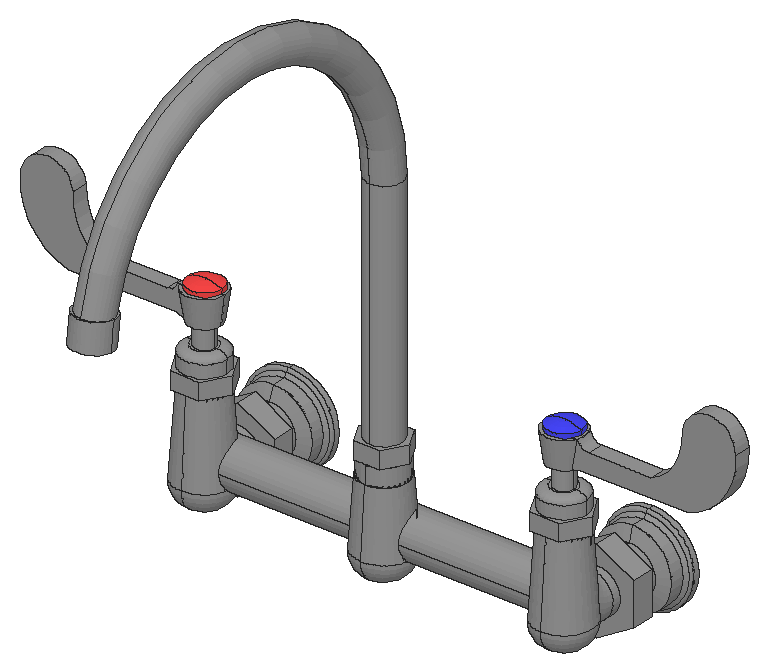
Revit family "Krowne_14-802L-W-E4_WallMount_Faucet", category Plumbing Fixtures, Revit 2018
Family settings
  Round Connector Dimension = Use Diameter
  Part Type = Normal
  OmniClass Number = 23.40.40.00
  OmniClass Title = Food Service Equipment and Furnishings
  Work Plane-Based = No
  Always vertical = Yes
  Cut with Voids When Loaded = No
  Shared = No
  Room Calculation Point = No
Parameters (values of type "14-802L-W-E4")
  Width = 15 7/8"
  Weight in Pounds = 6.5
  Watermarked By = ""
  URL Cutsheet = ""
  URL = "https://krowne.com/"
  Status [instance] = ""
  Specification by User [instance] = ""
  Specification by Manufacturer [instance] = ""
  Serial Number [instance] = ""
  Revision Code [instance] = ""
  Plumbing Remarks [instance] = ""
  Plumbing Connection Type = ""
  NAFEM Spec ID Number [instance] = ""
  Model = "14-802L-W-E4"
  Masterspec [instance] = ""
  Manufacturer = "Krowne Metal"
  Item Number [instance] = "-"
  Installed By [instance] = ""
  Hot Water Temperature = 100 °F
  Hot Water Size = 1/2"
  Hot Water RI Height [instance] = 0"
  Hot Water Flow = 40 GPM
  Hot Water Connection Height = 0"
  Height = 8 5/8"
  Furnished By [instance] = ""
  Foodservice Equipment Identifier = yes
  Description = "Royal Series 8\" Wall Mount Faucet with 8-1/2\" Wide Gooseneck Spout & Vandal Resistant Wrist Blades Handles"
  Depth = 6 1/4" + 2 1/2"  # 8 3/4"
  Cold Water Size = 1/2"
  Cold Water RI Height [instance] = 0"
  Cold Water Flow = 40 GPM
  Cold Water Connection Height = 0"
  CSI MasterFormat = ""
  Assembly Code = "E1090300"
Reference planes
  plane 1 "BACK": y = 0
  plane 2: z = 0
  plane 3 "CENTER L/R": x = -319.169
  plane 4: y = -50.8
  plane 5: z = 298.45
  plane 6: y = -25.4
  plane 7: z = 101.6
  plane 8 "CENTER L/S": x = -188.201
  plane 9 "CENTER L/T": x = -450.138
  plane 10: z = 190.5
  plane 11: y = -231.775
Forms (mm)
  Extrusion 1, solid, material "QF_Steel-Chrome-Polished"
    sketch origin (-319, -231.775, 189.706) x (1, 0, 0) y (0, -0.994044, 0.10898)
      loop
        circle (0, 0) r 11.113
    from 0 to -15.875
  Sweep 2, solid, material "QF_Steel-Chrome-Polished"
    path origin (-319, 304.8, -68.257) x (0, 1, 0) y (0, 0, 1)
      loop
        line (-330.2, 121.438) -> (-330.2, 253.182)
        arc (-330.2, 253.182) -> (-430.607, 356.332) -> (-536.425, 258.741) r 103.188
    profile origin (-319, -25.4, 119.053) x (0, -1, 0) y (1, 0, 0)
      loop
        circle (0, 0) r 9.852
  Extrusion 3, solid, material "QF_Steel-Chrome-Polished"
    sketch origin (-4.763, 37.306, 43.656) x (0, 1, 0) y (-1, 0, 0)
      loop
        line (-62.38, 399.886) -> (-48.419, 407.947) -> (-48.419, 424.067) -> (-62.38, 432.128) -> (-76.34, 424.067) -> (-76.34, 407.947) -> (-62.38, 399.886)
      loop
        line (-62.38, 196.686) -> (-48.419, 204.747) -> (-48.419, 220.867) -> (-62.38, 228.928) -> (-76.34, 220.867) -> (-76.34, 204.747) -> (-62.38, 196.686)
    from 0 to 9.525
  Extrusion 4, solid, material "QF_Steel-Chrome-Polished"
    sketch origin (-4.763, 37.306, -37.306) x (1, 0, 0) y (0, 0, 1)
      loop
        circle (-416.007, 37.306) r 6.35
      loop
        circle (-212.807, 37.306) r 6.35
    from 0 to -6.35
  Revolve 5, solid, material "QF_Steel-Chrome-Polished"
    sketch origin (-420.769, 38.1, -37.306) x (0, 1, 0) y (0, 0, 1)
      loop
        line (0, 37.306) -> (0, 62.706) -> (-3.175, 62.706)
        arc (-3.175, 62.706) -> (-4.298, 62.241) -> (-4.762, 61.119) r 1.588
        line (-4.762, 61.119) -> (-6.75, 59.131) -> (-14.287, 59.131) -> (-16.91, 51.594) -> (-26.987, 51.594) -> (-26.988, 37.306) -> (0, 37.306)
      axis (0, 37.306) -> (-26.988, 37.306)
    angle from 0 to 360
  Revolve 6, solid, material "QF_Steel-Chrome-Polished"
    sketch origin (-217.569, 38.1, -37.306) x (0, 1, 0) y (0, 0, 1)
      loop
        line (0, 37.306) -> (0, 62.706) -> (-3.175, 62.706)
        arc (-3.175, 62.706) -> (-4.298, 62.241) -> (-4.762, 61.119) r 1.588
        line (-4.762, 61.119) -> (-6.75, 59.131) -> (-14.287, 59.131) -> (-16.91, 51.594) -> (-26.987, 51.594) -> (-26.988, 37.306) -> (0, 37.306)
      axis (0, 37.306) -> (-26.988, 37.306)
    angle from 0 to 360
  Extrusion 7, solid, material "QF_Steel-Chrome-Polished"
    sketch origin (-420.769, 11.112, 0) x (0, 0, 1) y (-1, 0, 0)
      loop
        line (11.915, -20.637) -> (23.83, 0) -> (11.915, 20.637) -> (-11.915, 20.637) -> (-23.83, 0) -> (-11.915, -20.637) -> (11.915, -20.637)
      loop
        line (11.915, -223.837) -> (23.83, -203.2) -> (11.915, -182.562) -> (-11.915, -182.562) -> (-23.83, -203.2) -> (-11.915, -223.837) -> (11.915, -223.837)
    from 0 to 12.7
  Sweep 8, solid, material "QF_Steel-Chrome-Polished"
    path origin (-420.769, 37.306, -37.306) x (0, 1, 0) y (0, 0, 1)
      loop
        line (-26.988, 37.306) -> (-43.656, 37.306)
        arc (-43.656, 37.306) -> (-57.127, 42.886) -> (-62.706, 56.356) r 19.05
        line (-62.706, 56.356) -> (-62.706, 80.962)
    profile origin (-420.769, 1.984, 0) x (0, 0, -1) y (1, 0, 0)
      loop
        circle (0, 0) r 12.7
  Sweep 9, solid, material "QF_Steel-Chrome-Polished"
    path origin (-217.569, 37.306, -37.306) x (0, 1, 0) y (0, 0, 1)
      loop
        line (-26.988, 37.306) -> (-43.656, 37.306)
        arc (-43.656, 37.306) -> (-57.127, 42.886) -> (-62.706, 56.356) r 19.05
        line (-62.706, 56.356) -> (-62.706, 80.962)
    profile origin (-217.569, 1.984, 0) x (0, 0, -1) y (1, 0, 0)
      loop
        circle (0, 0) r 12.7
  Extrusion 10, solid, material "QF_Steel-Chrome-Polished"
    sketch origin (-420.769, 37.306, -37.306) x (0, 1, 0) y (0, 0, 1)
      loop
        circle (-57.127, 42.886) r 12.7
    from 0 to 203.2
  Sweep 11, solid, material "QF_Steel-Chrome-Polished"
    path origin (-319.169, 37.306, -37.306) x (0, 1, 0) y (0, 0, 1)
      loop
        arc (-56.044, 41.884) -> (-60.961, 48.39) -> (-62.706, 56.356) r 19.05
        line (-62.706, 56.356) -> (-62.706, 80.962)
    profile origin (-319.169, -25.4, 31.353) x (0, -1, 0) y (1, 0, 0)
      loop
        circle (0, 0) r 12.7
  Revolve 12, solid, material "QF_Steel-Chrome-Polished"
    sketch origin (-319.169, 37.306, -56.356) x (0, 1, 0) y (0, 0, 1)
      loop
        line (-62.706, 90.488) -> (-50.006, 90.488) -> (-50.672, 100.013) -> (-62.706, 100.013) -> (-62.706, 90.488)
      axis (-62.706, 90.488) -> (-62.706, 100.013)
    angle from 0 to 360
  Revolve 13, solid, material "QF_Steel-Chrome-Polished"
    sketch origin (-420.769, 37.306, -37.306) x (0, 1, 0) y (0, 0, 1)
      loop
        line (-50.006, 80.962) -> (-62.706, 80.962) -> (-62.706, 20.044) -> (-59.365, 20.044)
        arc (-59.365, 20.044) -> (-50.077, 24.083) -> (-46.696, 33.63) r 12.7
        line (-46.696, 33.63) -> (-50.006, 80.962)
      axis (-62.706, 20.044) -> (-62.706, 80.962)
    angle from 0 to 360
  Revolve 14, solid, material "QF_Steel-Chrome-Polished"
    sketch origin (-217.569, 37.306, -37.306) x (0, 1, 0) y (0, 0, 1)
      loop
        line (-50.006, 80.962) -> (-62.706, 80.962) -> (-62.706, 20.044) -> (-59.365, 20.044)
        arc (-59.365, 20.044) -> (-50.077, 24.083) -> (-46.696, 33.63) r 12.7
        line (-46.696, 33.63) -> (-50.006, 80.962)
      axis (-62.706, 20.044) -> (-62.706, 80.962)
    angle from 0 to 360
  Revolve 15, solid, material "QF_Steel-Chrome-Polished"
    sketch origin (-319.169, 37.306, -37.306) x (0, 1, 0) y (0, 0, 1)
      loop
        line (-49.324, 71.209) -> (-62.706, 71.209) -> (-62.706, 20.044) -> (-59.365, 20.044)
        arc (-59.365, 20.044) -> (-50.077, 24.083) -> (-46.696, 33.63) r 12.7
        line (-46.696, 33.63) -> (-49.324, 71.209)
      axis (-62.706, 20.044) -> (-62.706, 71.209)
    angle from 0 to 360
  Extrusion 16, solid, material "QF_Steel-Chrome-Polished"
    sketch origin (-4.763, 37.306, 43.656) x (0, 1, 0) y (-1, 0, 0)
      loop
        line (-62.38, 300.119) -> (-50.006, 307.263) -> (-50.006, 321.551) -> (-62.38, 328.694) -> (-74.753, 321.551) -> (-74.753, 307.263) -> (-62.38, 300.119)
    from 0 to 9.525
  Revolve 17, solid, material "Plastic-Brass-Red"
    sketch origin (-369.889, -25.065, 28.262) x (1, 0, 0) y (0, 0.003349, 0.999994)
      loop
        arc (-50.8, 68.818) -> (-55.813, 68.299) -> (-60.546, 66.566) r 20.394
        line (-60.546, 66.566) -> (-60.546, 64.436) -> (-50.8, 64.436) -> (-50.8, 68.818)
      axis (-50.8, 68.818) -> (-50.8, 64.436)
    angle from 0 to 360
  Revolve 18, solid, material "Plastic-Brass-Blue"
    sketch origin (-268.289, -25.065, 28.262) x (-1, 0, 0) y (0, -0.003349, -0.999994)
      loop
        line (-50.8, -68.818) -> (-50.8, -64.4) -> (-60.546, -64.4) -> (-60.546, -66.566)
        arc (-60.546, -66.566) -> (-55.813, -68.299) -> (-50.8, -68.818) r 20.394
      axis (-50.8, -68.818) -> (-50.8, -64.4)
    angle from 0 to 360
  Revolve 19, solid, material "QF_Steel-Chrome-Polished"
    sketch origin (-268.369, -25.073, 41.462) x (-1, 0, 0) y (0, 0, -1)
      loop
        line (-50.8, -50.906) -> (-50.8, -11.719) -> (-63.5, -11.719) -> (-63.5, -18.828)
        spline (-63.5, -18.828) -> (-63.411, -19.303) -> (-63.254, -19.744) -> (-63.027, -20.151) -> (-62.733, -20.522) -> (-62.369, -20.859) -> (-61.937, -21.161) -> (-61.437, -21.429) -> (-60.868, -21.662) -> (-60.23, -21.86) -> (-59.523, -22.023) -> (-58.748, -22.152) -> (-57.905, -22.246)
        line (-57.905, -22.246) -> (-56.358, -22.246) -> (-56.358, -34.379) -> (-59.706, -34.379) -> (-62.183, -50.906) -> (-50.8, -50.906)
      axis (-50.8, -50.906) -> (-50.8, -11.719)
    angle from 0 to 360
  Extrusion 20, solid, material "QF_Steel-Chrome-Polished"
    sketch origin (-369.969, -25.073, 12.514) x (1, 0, 0) y (0, 0, 1)
      loop
        line (-68.431, 75.532) -> (-103.557, 75.532)
        spline (-103.557, 75.532) -> (-106.504, 76.784) -> (-109.166, 78.285) -> (-111.55, 80.027) -> (-113.66, 82.005) -> (-115.502, 84.211) -> (-117.081, 86.637) -> (-118.402, 89.278) -> (-119.471, 92.125) -> (-120.294, 95.172) -> (-120.875, 98.413) -> (-121.219, 101.839) -> (-121.333, 105.444)
        arc (-121.333, 105.444) -> (-137.37, 118.301) -> (-151.365, 103.245) r 15.096
        arc (-151.365, 103.245) -> (-144.616, 79.043) -> (-123.684, 65.146) r 36.007
        line (-123.684, 65.146) -> (-64.018, 65.146)
        arc (-64.018, 65.146) -> (-61.798, 64.807) -> (-59.78, 63.821) r 7.441
        line (-59.78, 63.821) -> (-50.8, 63.821) -> (-50.8, 79.891) -> (-62.188, 79.891)
        arc (-62.188, 79.891) -> (-64.624, 76.73) -> (-68.431, 75.532) r 6.651
    from -4.471 to 4.471
  Extrusion 21, solid, material "QF_Steel-Chrome-Polished"
    sketch origin (-268.369, -25.073, 12.514) x (-1, 0, 0) y (0, 0, -1)
      loop
        arc (-68.431, -75.532) -> (-64.624, -76.73) -> (-62.188, -79.891) r 6.651
        line (-62.188, -79.891) -> (-50.8, -79.891) -> (-50.8, -63.821) -> (-59.78, -63.821)
        arc (-59.78, -63.821) -> (-61.798, -64.807) -> (-64.018, -65.146) r 7.441
        line (-64.018, -65.146) -> (-123.684, -65.146)
        arc (-123.684, -65.146) -> (-144.616, -79.043) -> (-151.365, -103.245) r 36.007
        arc (-151.365, -103.245) -> (-137.37, -118.301) -> (-121.333, -105.444) r 15.096
        spline (-121.333, -105.444) -> (-121.219, -101.839) -> (-120.875, -98.413) -> (-120.294, -95.172) -> (-119.471, -92.125) -> (-118.402, -89.278) -> (-117.081, -86.637) -> (-115.502, -84.211) -> (-113.66, -82.005) -> (-111.55, -80.027) -> (-109.166, -78.285) -> (-106.504, -76.784) -> (-103.557, -75.532)
        line (-103.557, -75.532) -> (-68.431, -75.532)
    from -4.471 to 4.471
  Revolve 22, solid, material "QF_Steel-Chrome-Polished"
    sketch origin (-369.969, -25.073, 41.462) x (1, 0, 0) y (0, 0, 1)
      loop
        line (-50.8, 50.906) -> (-62.183, 50.906) -> (-59.706, 34.379) -> (-56.358, 34.379) -> (-56.358, 22.246) -> (-57.905, 22.246)
        spline (-57.905, 22.246) -> (-58.748, 22.152) -> (-59.523, 22.023) -> (-60.23, 21.86) -> (-60.868, 21.662) -> (-61.437, 21.429) -> (-61.937, 21.161) -> (-62.369, 20.859) -> (-62.733, 20.522) -> (-63.027, 20.151) -> (-63.254, 19.744) -> (-63.411, 19.303) -> (-63.5, 18.828)
        line (-63.5, 18.828) -> (-63.5, 11.719) -> (-50.8, 11.719) -> (-50.8, 50.906)
      axis (-50.8, 50.906) -> (-50.8, 11.719)
    angle from 0 to 360
Cuts and joins
  joined: Extrusion 7, Sweep 9, Sweep 11, Revolve 13, Revolve 15
  joined: Extrusion 1, Sweep 2
Lines and regions (mm)
  symbolic lines
    curve 1: arc (-328.461, -25.4, 0) -> (-318.513, -15.654, 0) -> (-309.475, -26.249, 0) r 9.525
    curve 2: arc (-328.525, -230.018, 0) -> (-325.735, -236.753, 0) -> (-319, -239.543, 0) r 9.525
    curve 3: arc (-319, -239.543, 0) -> (-312.265, -236.753, 0) -> (-309.475, -230.018, 0) r 9.525
    curve 4: line (-328.525, -230.018, 0) -> (-328.525, -25.4, 0)
    curve 5: line (-309.475, -26.249, 0) -> (-309.475, -230.018, 0)
    curve 6: line (-333.457, -25.073, 74.612) -> (-329.459, -31.997, 74.612)
    curve 7: line (-309.475, -33.029, 74.612) -> (-304.882, -25.073, 74.612)
    curve 8: line (-304.882, -25.073, 74.612) -> (-312.026, -12.7, 74.612)
    curve 9: line (-312.026, -12.7, 74.612) -> (-326.313, -12.7, 74.612)
    curve 10: line (-326.313, -12.7, 74.612) -> (-333.457, -25.073, 74.612)
    curve 11: line (-192.169, 37.306, 74.612) -> (-242.969, 37.306, 74.612)
    curve 12: line (-192.169, 37.306, 74.612) -> (-192.169, 34.131, 74.612)
    curve 13: line (-195.745, 30.556, 74.612) -> (-193.757, 32.544, 74.612)
    curve 14: arc (-193.757, 32.544, 74.612) -> (-192.634, 33.009, 74.612) -> (-192.169, 34.131, 74.612) r 1.588
    curve 15: line (-195.745, 30.556, 74.612) -> (-195.745, 23.019, 74.612)
    curve 16: line (-195.745, 23.019, 74.612) -> (-204.869, 19.844, 74.612)
    curve 17: line (-204.869, 19.844, 74.612) -> (-204.869, 10.319, 74.612)
    curve 18: line (-204.869, 10.319, 74.612) -> (-196.932, 10.319, 74.612)
    curve 19: line (-196.932, 10.319, 74.612) -> (-196.932, -2.381, 74.612)
    curve 20: line (-196.932, -2.381, 74.612) -> (-238.207, -2.381, 74.612)
    curve 21: line (-204.858, -2.381, 74.612) -> (-204.858, -16.754, 74.612)
    curve 22: line (-242.969, 37.306, 74.612) -> (-242.969, 34.131, 74.612)
    curve 23: line (-239.394, 30.556, 74.612) -> (-241.382, 32.544, 74.612)
    curve 24: arc (-241.382, 32.544, 74.612) -> (-242.504, 33.009, 74.612) -> (-242.969, 34.131, 74.612) r 1.588
    curve 25: line (-239.394, 30.556, 74.612) -> (-239.394, 23.019, 74.612)
    curve 26: line (-239.394, 23.019, 74.612) -> (-230.269, 19.844, 74.612)
    curve 27: line (-230.269, 19.844, 74.612) -> (-230.269, 10.319, 74.612)
    curve 28: line (-204.869, 10.319, 74.612) -> (-238.207, 10.319, 74.612)
    curve 29: line (-238.207, 10.319, 74.612) -> (-238.207, -2.381, 74.612)
    curve 30: line (-230.281, -2.381, 74.612) -> (-230.281, -7.197, 74.612)
    curve 31: line (-408.058, -7.197, 74.612) -> (-230.281, -7.197, 74.612)
    curve 32: line (-410.291, -31.997, 74.612) -> (-329.459, -31.997, 74.612)
    curve 33: line (-308.317, -31.997, 74.612) -> (-229.693, -31.997, 74.612)
    curve 34: arc (-217.569, -34.925, 63.5) -> (-208.044, -25.4, 63.5) -> (-217.569, -15.875, 63.5) r 9.525
    curve 35: arc (-217.569, -15.875, 63.5) -> (-227.094, -25.4, 63.5) -> (-217.569, -34.925, 63.5) r 9.525
    curve 36: arc (-223.3, -8.965, 63.5) -> (-226.62, -7.407, 63.5) -> (-230.281, -7.197, 63.5) r 9.664
    curve 37: line (-446.169, 37.306, 74.612) -> (-395.369, 37.306, 74.612)
    curve 38: line (-446.169, 37.306, 74.612) -> (-446.169, 34.131, 74.612)
    curve 39: line (-442.594, 30.556, 74.612) -> (-444.582, 32.544, 74.612)
    curve 40: arc (-444.582, 32.544, 74.612) -> (-445.704, 33.009, 74.612) -> (-446.169, 34.131, 74.612) r 1.588
    curve 41: line (-442.594, 30.556, 74.612) -> (-442.594, 23.019, 74.612)
    curve 42: line (-442.594, 23.019, 74.612) -> (-433.469, 19.844, 74.612)
    curve 43: line (-433.469, 19.844, 74.612) -> (-433.469, 10.319, 74.612)
    curve 44: line (-433.469, 10.319, 74.612) -> (-441.407, 10.319, 74.612)
    curve 45: line (-441.407, 10.319, 74.612) -> (-441.407, -2.381, 74.612)
    curve 46: line (-433.481, -2.381, 74.612) -> (-433.481, -16.754, 74.612)
    curve 47: line (-395.369, 37.306, 74.612) -> (-395.369, 34.131, 74.612)
    curve 48: line (-398.945, 30.556, 74.612) -> (-396.957, 32.544, 74.612)
    curve 49: arc (-396.957, 32.544, 74.612) -> (-395.834, 33.009, 74.612) -> (-395.369, 34.131, 74.612) r 1.588
    curve 50: line (-398.945, 30.556, 74.612) -> (-398.945, 23.019, 74.612)
    curve 51: line (-398.945, 23.019, 74.612) -> (-408.069, 19.844, 74.612)
    curve 52: line (-408.069, 19.844, 74.612) -> (-408.069, 10.319, 74.612)
    curve 53: line (-433.469, 10.319, 74.612) -> (-400.132, 10.319, 74.612)
    curve 54: line (-400.132, 10.319, 74.612) -> (-400.132, -2.381, 74.612)
    curve 55: line (-400.132, -2.381, 74.612) -> (-441.407, -2.381, 74.612)
    curve 56: line (-408.058, -2.381, 74.612) -> (-408.058, -7.197, 74.612)
    curve 57: line (-209.509, -11.113, 63.5) -> (-225.63, -11.113, 63.5)
    curve 58: line (-204.03, -20.602, 63.5) -> (-209.509, -11.113, 63.5)
    curve 59: line (-209.509, -39.034, 63.5) -> (-204.03, -29.544, 63.5)
    curve 60: line (-225.63, -39.034, 63.5) -> (-209.509, -39.034, 63.5)
    curve 61: line (-233.69, -25.073, 63.5) -> (-225.63, -39.034, 63.5)
    curve 62: line (-225.63, -11.113, 63.5) -> (-233.69, -25.073, 63.5)
    curve 63: line (-117.005, -20.602, 63.5) -> (-209.341, -20.602, 63.5)
    curve 64: line (-208.993, -29.544, 63.5) -> (-117.005, -29.544, 63.5)
    curve 65: line (-147.037, -20.602, 63.5) -> (-147.037, -29.544, 63.5)
    curve 66: line (-117.005, -29.544, 63.5) -> (-117.005, -20.602, 63.5)
    curve 67: line (-164.813, -29.544, 63.5) -> (-164.813, -20.602, 63.5)
    curve 68: arc (-232.031, -31.997, 63.5) -> (-216.077, -41.296, 63.5) -> (-201.833, -29.544, 63.5) r 16.145
    curve 69: arc (-201.908, -20.602, 63.5) -> (-203.107, -17.664, 63.5) -> (-204.858, -15.018, 63.5) r 16.145
    curve 70: arc (-420.769, -34.925, 63.5) -> (-430.294, -25.4, 63.5) -> (-420.769, -15.875, 63.5) r 9.525
    curve 71: arc (-420.769, -15.875, 63.5) -> (-411.244, -25.4, 63.5) -> (-420.769, -34.925, 63.5) r 9.525
    curve 72: arc (-415.039, -8.965, 63.5) -> (-411.719, -7.407, 63.5) -> (-408.058, -7.197, 63.5) r 9.664
    curve 73: line (-428.83, -11.113, 63.5) -> (-412.709, -11.113, 63.5)
    curve 74: line (-434.309, -20.602, 63.5) -> (-428.83, -11.113, 63.5)
    curve 75: line (-428.83, -39.034, 63.5) -> (-434.309, -29.544, 63.5)
    curve 76: line (-412.709, -39.034, 63.5) -> (-428.83, -39.034, 63.5)
    curve 77: line (-404.649, -25.073, 63.5) -> (-412.709, -39.034, 63.5)
    curve 78: line (-412.709, -11.113, 63.5) -> (-404.649, -25.073, 63.5)
    curve 79: line (-521.334, -20.602, 63.5) -> (-428.998, -20.602, 63.5)
    curve 80: line (-429.346, -29.544, 63.5) -> (-521.334, -29.544, 63.5)
    curve 81: line (-491.302, -20.602, 63.5) -> (-491.302, -29.544, 63.5)
    curve 82: line (-521.334, -29.544, 63.5) -> (-521.334, -20.602, 63.5)
    curve 83: line (-473.526, -29.544, 63.5) -> (-473.526, -20.602, 63.5)
    curve 84: arc (-406.308, -31.997, 63.5) -> (-422.262, -41.296, 63.5) -> (-436.505, -29.544, 63.5) r 16.145
    curve 85: arc (-436.43, -20.602, 63.5) -> (-435.232, -17.664, 63.5) -> (-433.481, -15.018, 63.5) r 16.145
Dimensions and locks
  equal spacing: plane 4, plane 6, plane 1 "BACK"
  plane 4 to plane 1 "BACK" = 2"
  plane 5 to level = 11 3/4"  (x2)
  plane 7 to Revolve 6 = 5"
  plane 10 to level = 7 1/2"
  Extrusion 10 to Extrusion 10 = 8"
  Revolve 5 to plane 6 = 2 1/2"
  plane 6 to plane 11 = 8 1/8"
  aligned and locked: level to plane 2
Automatic sketch dimensions
  curve 2 to curve 3 = 0"  (x2)
  plane 6 to curve 4 = 0"
  plane 6 to curve 1 = 0"
  curve 4 to plane 3 "CENTER L/R" = 0.36833"
  plane 3 "CENTER L/R" to curve 3 = 0.00667"
  plane 3 "CENTER L/R" to curve 1 = 0.00909"
  plane 6 to curve 5 = 0.03343"
  curve 1 to plane 6 = 0.00909"
  plane 6 to Extrusion 3 sketch curve = 0.53678"  (x2)
  Extrusion 3 sketch curve to plane 6 = 0.01286"  (x4)
  plane 1 "BACK" to Extrusion 3 sketch curve = 7/16"  (x2)
  Extrusion 3 sketch curve to plane 8 "CENTER L/S" = 0.52158"
  Extrusion 3 sketch curve to Extrusion 3 sketch curve = 0.31733"  (x6)
  Extrusion 3 sketch curve to Extrusion 3 sketch curve = 0.63467"  (x4)
  Extrusion 3 sketch curve to plane 9 "CENTER L/T" = 1.79092"
  Extrusion 4 sketch curve to level = 0"  (x2)
  Extrusion 4 sketch curve to plane 9 "CENTER L/T" = 1 5/32"
  Extrusion 4 sketch curve to plane 8 "CENTER L/S" = 1 5/32"
  Revolve 5 sketch curve to level = 0"  (x2)
  Revolve 5 sketch curve to plane 1 "BACK" = 7/16"
  Revolve 5 sketch curve to Revolve 5 sketch curve = 0.39675"
  Revolve 5 sketch curve to Revolve 5 sketch curve = 0.10325"
  Revolve 5 sketch curve to Revolve 5 sketch curve = 0.29673"  (x2)
  Revolve 5 sketch curve to Revolve 5 sketch curve = 0.07827"  (x2)
  Revolve 5 sketch curve to Revolve 5 sketch curve = 1/16"
  Revolve 5 sketch curve to Revolve 5 sketch curve = 1/8"
  Revolve 5 sketch curve to Revolve 5 sketch curve = 9/16"
  plane 4 to Revolve 5 sketch curve = 1 7/16"
  Revolve 5 sketch curve to Revolve 5 sketch curve = 0"
  Revolve 6 sketch curve to level = 0"  (x2)
  Revolve 6 sketch curve to plane 1 "BACK" = 7/16"
  Revolve 6 sketch curve to Revolve 6 sketch curve = 0.39675"
  Revolve 6 sketch curve to Revolve 6 sketch curve = 0.10325"
  Revolve 6 sketch curve to Revolve 6 sketch curve = 0.29673"  (x2)
  Revolve 6 sketch curve to Revolve 6 sketch curve = 0.07827"  (x2)
  Revolve 6 sketch curve to Revolve 6 sketch curve = 1/16"
  Revolve 6 sketch curve to Revolve 6 sketch curve = 1/8"
  level to Revolve 6 sketch curve = 9/16"
  plane 4 to Revolve 6 sketch curve = 1 7/16"
  Revolve 6 sketch curve to Revolve 6 sketch curve = 0"
  Revolve 5 to Extrusion 7 sketch curve = 0"
  Extrusion 7 sketch curve to Revolve 5 = 0"
  Revolve 5 to Extrusion 7 sketch curve = 8"  (x2)
  Extrusion 7 sketch curve to Extrusion 7 sketch curve = 0"
  Extrusion 7 sketch curve to Extrusion 7 sketch curve = 0.4691"  (x6)
  Extrusion 7 sketch curve to Extrusion 7 sketch curve = 0.93819"  (x4)
  Revolve 5 to Extrusion 7 sketch curve = 7 3/16"
  Revolve 5 to Extrusion 7 sketch curve = 8 13/16"
  Revolve 5 to Extrusion 7 sketch curve = 13/16"
  Extrusion 7 sketch curve to Revolve 5 = 13/16"
  Sweep 8 sketch curve to plane 6 = 0"
  Sweep 8 sketch curve to level = 0"
  plane 1 "BACK" to Sweep 8 sketch curve = 1/4"
  Sweep 8 sketch curve to plane 1 "BACK" = 13/32"
  Sweep 8 sketch curve to Sweep 8 sketch curve = 31/32"
  Sweep 8 sketch curve to profile plane = 0"  (x2)
  Sweep 9 sketch curve to plane 6 = 0"
  Sweep 9 sketch curve to level = 0"
  plane 1 "BACK" to Sweep 9 sketch curve = 1/4"
  Sweep 9 sketch curve to plane 1 "BACK" = 13/32"
  Sweep 9 sketch curve to Sweep 9 sketch curve = 31/32"
  Sweep 9 sketch curve to profile plane = 0"  (x2)
  Extrusion 10 sketch curve to plane 6 = 0.21967"
  level to Extrusion 10 sketch curve = 0.21967"
  Sweep 11 sketch curve to plane 6 = 0"
  plane 1 "BACK" to Sweep 11 sketch curve = 1/4"
  level to Sweep 11 sketch curve = 3/4"
  level to Sweep 11 sketch curve = 0.18022"
  Sweep 11 sketch curve to Sweep 11 sketch curve = 31/32"
  Sweep 11 sketch curve to profile plane = 0"  (x2)
  Revolve 13 sketch curve to plane 6 = 0"  (x2)
  Revolve 13 sketch curve to plane 6 = 0.13153"
  plane 1 "BACK" to Revolve 13 sketch curve = 1/2"
  Revolve 13 sketch curve to level = 0.14474"
  plane 1 "BACK" to Revolve 13 sketch curve = 0.36969"
  Revolve 13 sketch curve to level = 0.17962"
  level to Revolve 13 sketch curve = 1 23/32"
  Revolve 13 sketch curve to Revolve 13 sketch curve = 0.40368"
  Revolve 13 sketch curve to Revolve 13 sketch curve = 0.07103"
  Revolve 14 sketch curve to plane 6 = 0"  (x2)
  Revolve 14 sketch curve to plane 6 = 0.13153"
  plane 1 "BACK" to Revolve 14 sketch curve = 1/2"
  Revolve 14 sketch curve to level = 0.14474"
  plane 1 "BACK" to Revolve 14 sketch curve = 0.36969"
  Revolve 14 sketch curve to level = 0.17962"
  level to Revolve 14 sketch curve = 1 23/32"
  Revolve 14 sketch curve to Revolve 14 sketch curve = 0.40368"
  Revolve 14 sketch curve to Revolve 14 sketch curve = 0.07103"
  Revolve 15 sketch curve to plane 6 = 0"  (x2)
  Revolve 15 sketch curve to plane 6 = 0.13153"
  plane 1 "BACK" to Revolve 15 sketch curve = 0.47315"
  Revolve 15 sketch curve to level = 0.14474"
  plane 1 "BACK" to Revolve 15 sketch curve = 0.36969"
  Revolve 15 sketch curve to level = 0.17962"
  level to Revolve 15 sketch curve = 1.33477"
  Revolve 15 sketch curve to Revolve 15 sketch curve = 0.40368"
  Revolve 15 sketch curve to Revolve 15 sketch curve = 0.45501"
  plane 6 to Extrusion 16 sketch curve = 0.47428"
  Extrusion 16 sketch curve to plane 6 = 0.01286"  (x2)
  plane 1 "BACK" to Extrusion 16 sketch curve = 1/2"
  plane 3 "CENTER L/R" to Extrusion 16 sketch curve = 9/16"
  plane 3 "CENTER L/R" to Extrusion 16 sketch curve = 9/32"  (x2)
  Extrusion 16 sketch curve to plane 3 "CENTER L/R" = 9/32"  (x2)
  Extrusion 16 sketch curve to Extrusion 16 sketch curve = 9/32"
  Revolve 12 sketch curve to plane 6 = 0"  (x2)
  Revolve 12 sketch curve to Revolve 12 sketch curve = 0.47378"
  level to Revolve 12 sketch curve = 1 11/32"
  Revolve 12 sketch curve to Revolve 12 sketch curve = 3/8"
  Revolve 12 sketch curve to Revolve 12 sketch curve = 0"  (x2)
  Revolve 12 sketch curve to Revolve 12 sketch curve = 0.02622"
  Revolve 17 sketch curve to plane 8 "CENTER L/S" = 9.53678"
  Revolve 17 sketch curve to Revolve 17 sketch curve = 0.3671"
  Revolve 17 sketch curve to Revolve 17 sketch curve = 0.38369"
  Revolve 17 sketch curve to Revolve 17 sketch curve = 0.63024"
  Revolve 17 sketch curve to Revolve 17 sketch curve = 0.08386"
  Revolve 17 sketch curve to Revolve 17 sketch curve = 0"  (x2)
  Revolve 17 sketch curve to Revolve 17 sketch curve = 0.04662"
  Revolve 18 sketch curve to plane 8 "CENTER L/S" = 0.76939"
  Revolve 18 sketch curve to Revolve 18 sketch curve = 0.3671"
  Revolve 18 sketch curve to Revolve 18 sketch curve = 0.38369"
  Revolve 18 sketch curve to Revolve 18 sketch curve = 0.08866"
  Revolve 18 sketch curve to Revolve 18 sketch curve = 0.0853"
  Revolve 18 sketch curve to Revolve 18 sketch curve = 0"  (x2)
  Revolve 18 sketch curve to Revolve 18 sketch curve = 0.04662"
  level to Revolve 19 sketch curve = 2.37362"
  Revolve 19 sketch curve to plane 8 "CENTER L/S" = 21/32"
  Revolve 19 sketch curve to Revolve 19 sketch curve = 0.05186"
  level to Revolve 19 sketch curve = 2.50821"
  Revolve 19 sketch curve to Revolve 19 sketch curve = 0.22028"
  Revolve 19 sketch curve to plane 7 = 1.01412"
  Revolve 19 sketch curve to Revolve 19 sketch curve = 0.07092"
  Revolve 19 sketch curve to Revolve 19 sketch curve = 0.13181"
  Revolve 19 sketch curve to Revolve 19 sketch curve = 0.44814"
  Revolve 19 sketch curve to Revolve 19 sketch curve = 0.65067"
  Revolve 19 sketch curve to Revolve 19 sketch curve = 0.41446"
  Revolve 19 sketch curve to Revolve 19 sketch curve = 0.21883"
  Revolve 19 sketch curve to Revolve 19 sketch curve = 0.10739"
  Revolve 19 sketch curve to Revolve 19 sketch curve = 0.09098"
  plane 7 to Extrusion 20 sketch curve = 0.55744"
  Extrusion 20 sketch curve to plane 8 "CENTER L/S" = 12.52114"
  Extrusion 20 sketch curve to Extrusion 20 sketch curve = 0.49543"
  plane 7 to Extrusion 20 sketch curve = 0.64401"
  Extrusion 20 sketch curve to Extrusion 20 sketch curve = 0.58801"
  plane 7 to Extrusion 20 sketch curve = 0.43782"
  Extrusion 20 sketch curve to Extrusion 20 sketch curve = 0.23017"
  Extrusion 20 sketch curve to plane 7 = 0.53363"
  Extrusion 20 sketch curve to Extrusion 20 sketch curve = 0.79242"
  Extrusion 20 sketch curve to plane 7 = 0.2718"
  Extrusion 20 sketch curve to Extrusion 20 sketch curve = 1.38288"
  Extrusion 20 sketch curve to Extrusion 20 sketch curve = 0.17375"
  Extrusion 20 sketch curve to Extrusion 20 sketch curve = 0.2458"
  Extrusion 20 sketch curve to Extrusion 20 sketch curve = 0.16685"
  Extrusion 20 sketch curve to Extrusion 20 sketch curve = 0.35355"
  Extrusion 20 sketch curve to Extrusion 20 sketch curve = 0.05216"
  plane 7 to Extrusion 21 sketch curve = 0.55744"
  plane 8 "CENTER L/S" to Extrusion 21 sketch curve = 2.20864"
  Extrusion 21 sketch curve to Extrusion 21 sketch curve = 0.49543"
  plane 7 to Extrusion 21 sketch curve = 0.64401"
  Extrusion 21 sketch curve to Extrusion 21 sketch curve = 0.58801"
  plane 7 to Extrusion 21 sketch curve = 0.43782"
  Extrusion 21 sketch curve to Extrusion 21 sketch curve = 0.23017"
  Extrusion 21 sketch curve to plane 7 = 0.53363"
  Extrusion 21 sketch curve to Extrusion 21 sketch curve = 0.79242"
  Extrusion 21 sketch curve to plane 7 = 0.2718"
  Extrusion 21 sketch curve to Extrusion 21 sketch curve = 1.38288"
  Extrusion 21 sketch curve to Extrusion 21 sketch curve = 0.17375"
  Extrusion 21 sketch curve to Extrusion 21 sketch curve = 0.2458"
  Extrusion 21 sketch curve to Extrusion 21 sketch curve = 0.16685"
  Extrusion 21 sketch curve to Extrusion 21 sketch curve = 0.35355"
  Extrusion 21 sketch curve to Extrusion 21 sketch curve = 0.05216"
  level to Revolve 22 sketch curve = 2.37362"
  Revolve 22 sketch curve to plane 8 "CENTER L/S" = 9 21/32"
  Revolve 22 sketch curve to Revolve 22 sketch curve = 0.05186"
  level to Revolve 22 sketch curve = 2.50821"
  Revolve 22 sketch curve to Revolve 22 sketch curve = 0.22028"
  Revolve 22 sketch curve to plane 7 = 1.01412"
  Revolve 22 sketch curve to Revolve 22 sketch curve = 0.07092"
  Revolve 22 sketch curve to Revolve 22 sketch curve = 0.13181"
  Revolve 22 sketch curve to Revolve 22 sketch curve = 0.44814"
  Revolve 22 sketch curve to Revolve 22 sketch curve = 0.41446"
  Revolve 22 sketch curve to Revolve 22 sketch curve = 0.65067"
  Revolve 22 sketch curve to Revolve 22 sketch curve = 0.21883"
  Revolve 22 sketch curve to Revolve 22 sketch curve = 0.09098"
  Revolve 22 sketch curve to Revolve 22 sketch curve = 0.10739"
  plane 6 to curve 6 = 0.25973"
  curve 7 to plane 6 = 0.01286"
  curve 6 to plane 6 = 0.01286"
  plane 1 "BACK" to curve 9 = 1/2"
  plane 1 "BACK" to curve 30 = 0.28336"
  curve 54 to plane 1 "BACK" = 13/32"
  curve 19 to plane 1 "BACK" = 13/32"
  curve 27 to curve 26 = 3/8"
  curve 52 to curve 52 = 3/8"
  curve 17 to curve 17 = 3/8"
  curve 43 to curve 43 = 3/8"
  curve 26 to curve 26 = 1/8"
  curve 16 to curve 15 = 1/8"
  curve 51 to curve 51 = 1/8"
  curve 42 to plane 9 "CENTER L/T" = 0.29702"
  curve 42 to curve 42 = 1/8"
  curve 25 to curve 25 = 0.29673"
  curve 41 to curve 41 = 0.29673"
  curve 50 to curve 48 = 0.29673"
  curve 15 to curve 15 = 0.29673"
  curve 23 to curve 23 = 0.07827"
  curve 39 to plane 9 "CENTER L/T" = 7/32"
  curve 39 to curve 39 = 0.07827"
  curve 13 to plane 8 "CENTER L/S" = 7/32"
  curve 13 to curve 13 = 0.07827"
  curve 48 to curve 48 = 0.07827"
  curve 48 to curve 47 = 1/16"
  curve 14 to curve 12 = 1/16"
  curve 24 to curve 22 = 1/16"
  curve 39 to curve 38 = 1/16"
  curve 12 to curve 11 = 1/8"
  curve 38 to curve 37 = 1/8"
  curve 15 to plane 8 "CENTER L/S" = 0.29702"
  curve 19 to plane 8 "CENTER L/S" = 11/32"
  curve 18 to curve 18 = 5/16"
  curve 16 to curve 26 = 1"
  curve 27 to curve 30 = 0.00047"
  curve 26 to curve 23 = 0.35923"
  curve 23 to curve 24 = 0.07827"
  plane 3 "CENTER L/R" to curve 7 = 9/16"
  plane 3 "CENTER L/R" to curve 9 = 9/32"
  curve 10 to plane 3 "CENTER L/R" = 9/32"
  curve 6 to plane 3 "CENTER L/R" = 0.40512"
  curve 6 to curve 10 = 0.15738"
  curve 49 to curve 50 = 0.07827"
  curve 50 to curve 54 = 0.04673"
  curve 54 to curve 31 = 0.31203"
  curve 50 to curve 51 = 0.35923"
  curve 43 to curve 41 = 0.35923"
  curve 43 to curve 44 = 5/16"
  plane 6 to curve 7 = 0.30034"
  curve 7 to curve 33 = 0.04061"
  curve 46 to plane 6 = 0.34039"
  curve 21 to plane 6 = 0.34039"
  curve 19 to curve 21 = 0.31203"
  curve 33 to curve 30 = 0.02318"
  curve 7 to curve 33 = 0.13525"
  curve 33 to curve 7 = 0.04557"
  curve 31 to curve 32 = 0.08792"
  curve 56 to curve 55 = 1.31297"
  curve 46 to curve 45 = 0.31203"
  curve 30 to curve 29 = 0.31203"
  plane 1 "BACK" to curve 30 = 3/32"
  plane 1 "BACK" to curve 45 = 3/32"
  curve 34 to curve 35 = 0"  (x2)
  curve 68 to curve 69 = 0"  (x2)
  curve 70 to curve 71 = 0"  (x2)
  curve 84 to curve 85 = 0"  (x2)
  plane 6 to curve 71 = 0"
  plane 6 to curve 35 = 0"
  plane 6 to curve 66 = 0.16317"
  plane 6 to curve 82 = 0.16317"
  plane 6 to curve 59 = 0.16317"
  curve 59 to curve 64 = 0.37361"
  curve 75 to curve 80 = 0.37361"
  curve 85 to plane 6 = 0.00774"
  curve 69 to plane 6 = 0.00774"
  curve 62 to plane 6 = 0.01286"
  curve 78 to plane 6 = 0.01286"
  curve 79 to plane 6 = 0.18889"
  curve 63 to plane 6 = 0.18889"
  curve 58 to plane 6 = 0.18889"
  curve 36 to plane 6 = 0.33958"
  curve 72 to plane 6 = 0.33958"
  curve 63 to curve 57 = 0.37361"
  curve 79 to curve 73 = 0.37361"
  plane 8 "CENTER L/S" to curve 64 = 2.80299"
  curve 58 to plane 8 "CENTER L/S" = 0.62321"
  curve 59 to curve 58 = 0"
  curve 59 to curve 60 = 0.21571"
  curve 58 to curve 58 = 0.21571"
  curve 59 to curve 69 = 0.52575"
  curve 68 to curve 35 = 0.00729"
  curve 35 to curve 62 = 0.31733"
  curve 35 to curve 61 = 0.31733"
  curve 57 to curve 36 = 0.13238"
  curve 36 to curve 61 = 0.18496"
  curve 77 to plane 9 "CENTER L/T" = 1.79092"
  curve 78 to curve 72 = 0.18496"
  curve 72 to curve 73 = 0.13238"
  curve 77 to curve 77 = 0.31733"
  curve 72 to curve 70 = 0.44971"
  curve 70 to curve 85 = 0.00729"
  curve 70 to curve 74 = 0.31733"
  curve 70 to curve 75 = 0.31733"
  plane 9 "CENTER L/T" to curve 82 = 2.80299"
  curve 59 to curve 68 = 0"
  plane 6 to curve 84 = 0.25973"
  plane 6 to curve 68 = 0.25973"
  curve 60 to curve 35 = 0.16178"
  curve 75 to curve 70 = 0.16178"
  curve 58 to curve 69 = 0"
  curve 58 to curve 69 = 0.21987"
  curve 74 to curve 85 = 0.21987"
  curve 78 to curve 72 = 0.08453"
  curve 57 to curve 36 = 0.08453"
  curve 78 to curve 72 = 0.15414"
  curve 57 to curve 36 = 0.15414"
  curve 64 to curve 65 = 1.18236"
  curve 65 to curve 67 = 0.69985"
  curve 68 to curve 59 = 0.08649"
  curve 69 to curve 58 = 0.08354"
  curve 36 to curve 57 = 0.09173"
  curve 77 to curve 84 = 0.06533"
  curve 72 to curve 78 = 0.18313"
  curve 73 to curve 85 = 0.18313"
  curve 75 to curve 84 = 0.08649"
  curve 74 to curve 85 = 0.08354"
  plane 9 "CENTER L/T" to curve 83 = 0.92078"
  curve 83 to curve 81 = 0.69985"
  plane 4 to curve 3 = 7.05583"
  plane 3 "CENTER L/R" to Extrusion 1 sketch curve = 0.00667"
  Sweep 2 sketch curve to profile plane = 0"  (x2)
  Sweep 2 sketch curve to plane 6 = 0"
  Sweep 2 sketch curve to plane 10 = 0.21949"
  plane 4 to Sweep 2 sketch curve = 3 1/16"
  Sweep 2 sketch curve to plane 10 = 0.00065"
  Sweep 2 sketch curve to plane 7 = 1 29/32"
  radius of Extrusion 4 sketch curve = 1/4"  (x2)
  radius of Sweep 8 sketch curve = 1/2"
  radius of Sweep 9 sketch curve = 1/2"
  radius of Extrusion 10 sketch curve = 1/2"
  radius of Sweep 11 sketch curve = 1/2"
  radius of Extrusion 1 sketch curve = 7/16"
  radius of Sweep 2 sketch curve = 0.38786"
Connectors
  piping at (-420.769, 43.656, 0), diameter 12.7, driven by "Hot Water Size", driven by "Hot Water Flow"
    settings: on Extrusion 4, index 1, connector inside diameter 24", connector length 0", flow factor 0, pipe flow 40 GPM, pressure drop 0.00 psi, fitting loss kfactor 0, connector angle 0.00°, fixture units 0, engagement length 0", angle of deflection 0.00°, flow configuration 0, flow direction 0, fitting loss method 0, system type 19, joint type 0, gender type 0, connector reference index -1, connector utility 0, adjustable connector no, is connector primary yes, connector description ""
  piping at (-217.569, 43.656, 0), diameter 12.7, driven by "Cold Water Size", driven by "Cold Water Flow"
    settings: on Extrusion 4, index 2, connector inside diameter 24", connector length 0", flow factor 0, pipe flow 40 GPM, pressure drop 0.00 psi, fitting loss kfactor 0, connector angle 0.00°, fixture units 0, engagement length 0", angle of deflection 0.00°, flow configuration 0, flow direction 0, fitting loss method 0, system type 20, joint type 0, gender type 0, connector reference index -1, connector utility 0, adjustable connector no, is connector primary no, connector description ""
